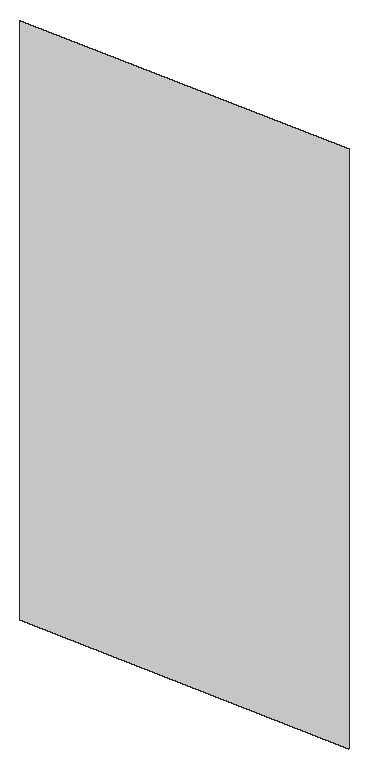
Revit family "PKNail Thermostat", category Electrical Fixtures, host Wall, Revit 2017
Family settings
  Host = Wall
  Maintain Annotation Orientation = No
  Round Connector Dimension = Use Diameter
  Part Type = Normal
  OmniClass Number = 23.80.50.11.11
  OmniClass Title = Receptacle Terminal Units
  Always vertical = Yes
  Cut with Voids When Loaded = No
  Shared = No
  Room Calculation Point = No
Parameters (values of type "COM Outlet")
  Width = 0' - 2 3/4"
  PKNail Family Measure Location Centered = yes
  PKNail Family Instance Elevation [instance] = 0' - 10"
  PKNail Family Fixed Dimensions = "Width:Height"
  Label = "T"
  Height = 0' - 4 1/2"
  Material = Plastic - White
Reference planes (in)
  plane 1: y = 0
  plane 2 "Center (Left/Right)": x = 0
  plane 3 "Back": y = 3
  plane 4 "Left": x = -1.375
  plane 5 "Right": x = 1.375
  plane 6: z = 9.75
  plane 7: z = 14.25
  plane 8 "Center (Elevation)": z = 12
  plane 9: y = 3.1875
  plane 10: y = 3.25
  plane 11: z = 2
Forms (in)
  Blend 1, solid, material "Plastic - White" <- "Material"
    base sketch origin (0, 3, 0) x (1, 0, 0) y (0, 0, 1)
      loop
        line (1.375, 14.25) -> (-1.375, 14.25) -> (-1.375, 9.75) -> (1.375, 9.75) -> (1.375, 14.25)
    top sketch origin (0, 3, 0) x (1, 0, 0) y (0, 0, 1)
      loop
        line (1.1875, 14.0625) -> (-1.1875, 14.0625) -> (-1.1875, 9.9375) -> (1.1875, 9.9375) -> (1.1875, 14.0625)
    from 0 to -0.1875
Lines and regions (in)
  model lines, style "InvisibleLines"
    curve 1: line (0, 3, 9.75) -> (0, 3, 2)
Text (in)
  text "Placement Side" at (0, 40.15149, 123.01588), in view "Right"
  text "Placement Side" at (0, 47.49176, 140.59947), in view "Left"
Dimensions and locks (in)
  locked: plane 3 "Back" to host wall
  "Height": plane 6 to plane 7
  "Width": plane 5 "Right" to plane 4 "Left"
  equal spacing: plane 5 "Right", plane 2 "Center (Left/Right)", plane 4 "Left"
  equal spacing: plane 6, plane 8 "Center (Elevation)", plane 7
  locked: plane 3 "Back" to plane 9 at 0.1875
  locked: plane 9 to plane 10 at 0.0625
  "PKNail Family Instance Elevation": plane 11 to plane 8 "Center (Elevation)"
  aligned and locked: plane 6 to Blend 1 sketch curve
  aligned and locked: plane 5 "Right" to Blend 1 sketch curve
  aligned and locked: Blend 1 sketch curve to plane 7
  aligned and locked: Blend 1 to curve 1
  aligned and locked: curve 1 to plane 2 "Center (Left/Right)"
Automatic sketch dimensions
  plane 4 "Left" to Blend 1 sketch curve = 0' - 0 3/16"
  Blend 1 sketch curve to plane 5 "Right" = 0' - 0 3/16"
  Blend 1 sketch curve to plane 6 = 0' - 0 3/16"
  plane 7 to Blend 1 sketch curve = 0' - 0 3/16"
  Blend 1 sketch curve to plane 4 "Left" = 0' - 0"
  curve 1 to plane 11 = 0' - 0"
Nested families (in)
  nested 1: "Thermostat Annotation" at (-0.0036, 3, 0), type "Thermostat Annotation"
Definition of nested family "Thermostat Annotation"
  Parameters
    Label = "COM"
  Reference planes (in)
    plane 1: y = 0
    plane 2: x = 0
  Lines and regions (in)
    detail lines
      curve 1: line (0, 0.01567, 0) -> (0, 0.10669, 0)
      curve 2: circle (0, 0.16864, 0) r 0.06195 normal (0, 0, 1)
  Text (in)
    label "Label" at (-0.00005, 0.17151, 0), shows "Label"
